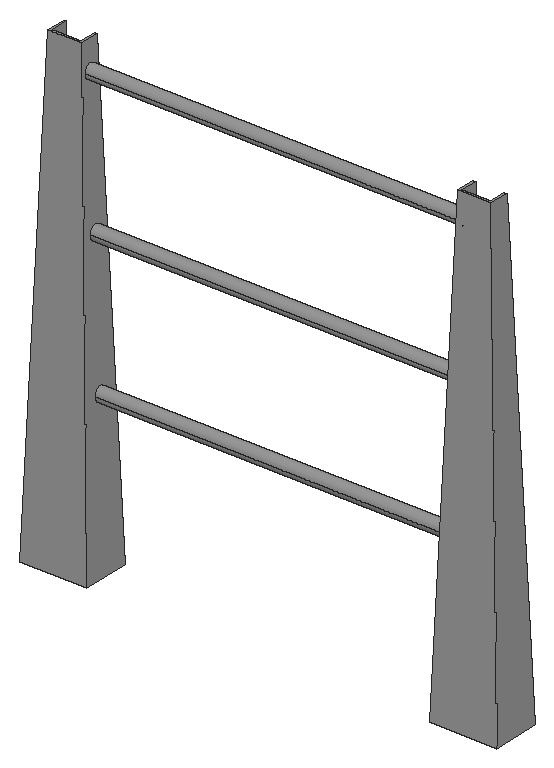
Revit family "15452 Ограждение «Джайв» Хоббика", category Антураж, Revit 2018
Family settings
  На основе рабочей плоскости = Нет
  Всегда вертикально = Да
  При загрузке вырезать с полостями = Нет
  Источник визуального образа = Геометрия семейства
  Общий = Нет
  Точка расчета площади = Нет
Parameters (values of type "Ограждение «Джайв»")
  Ширина = 100 mm  # constant formula
  Цвет каркаса = Сталь
  Описание = "Ограждение «Джайв»"  # constant formula
  Материал изделия = "Сталь"  # constant formula
  Изображение типоразмера = Ограждение «Джайв» Арт 15452.jpg
  Изготовитель = "ООО «Хоббика»"  # constant formula
  Длина = 1000 mm  # constant formula
  Группа модели = "Тротуарные столбики и ограждения"  # constant formula
  Высота = 1000 mm  # constant formula
  Артикул товара = "Арт. 15452"  # constant formula
  URL = "https://hobbyka.ru/product/ograzhdenie_dzhayv/"
Reference planes
  plane 1 "По центру (Вперед/Назад)": y = 0
  plane 2: z = 0
  plane 3 "По центру (Влево/Вправо)": x = 0
  plane 4: x = 1000
  plane 5: y = 100
  plane 6: z = 1000
  plane 7: x = 930
Forms (mm)
  Blend 1, solid, material "Сталь" <- "Цвет каркаса"
    base sketch origin (0, 0, 0) x (1, 0, 0) y (0, 1, 0)
      loop
        line (5, 100) -> (0, 100) -> (0, 0) -> (140, 0) -> (140, 100) -> (135, 100) -> (135, 5) -> (5, 5) -> (5, 100)
    top sketch origin (0, 0, 0) x (1, 0, 0) y (0, 1, 0)
      loop
        line (35, 30) -> (105, 30) -> (105, 70) -> (100, 70) -> (100, 35) -> (40, 35) -> (40, 70) -> (35, 70) -> (35, 30)
    from 0 to 1000
  Blend 2, solid, material "Сталь" <- "Цвет каркаса"
    base sketch origin (860, 0, 0) x (1, 0, 0) y (0, 1, 0)
      loop
        line (5, 100) -> (0, 100) -> (0, 0) -> (140, 0) -> (140, 100) -> (135, 100) -> (135, 5) -> (5, 5) -> (5, 100)
    top sketch origin (860, 0, 0) x (1, 0, 0) y (0, 1, 0)
      loop
        line (35, 30) -> (105, 30) -> (105, 70) -> (100, 70) -> (100, 35) -> (40, 35) -> (40, 70) -> (35, 70) -> (35, 30)
    from 0 to 1000
  Extrusion 3, solid, material "Сталь" <- "Цвет каркаса"
    sketch origin (0, 0, 797.148) x (0, 1, 0) y (0, 0, 1)
      loop
        circle (50, 142.852) r 15
    from 70 to 930
  Extrusion 4, solid, material "Сталь" <- "Цвет каркаса"
    sketch origin (0, 0, 497.148) x (0, 1, 0) y (0, 0, 1)
      loop
        circle (50, 142.852) r 15
    from 70 to 930
  Extrusion 5, solid, material "Сталь" <- "Цвет каркаса"
    sketch origin (0, 0, 197.148) x (0, 1, 0) y (0, 0, 1)
      loop
        circle (50, 142.852) r 15
    from 70 to 930
Cuts and joins
  joined: Blend 1, Blend 2, Extrusion 3, Extrusion 4, Extrusion 5
Dimensions and locks
  "Длина": plane 4 to plane 3 "По центру (Влево/Вправо)"
  "Ширина": plane 5 to plane 1 "По центру (Вперед/Назад)"
  "Высота": plane 6 to plane 2
  locked: plane 7 to plane 4 at 70
  aligned and locked: level to plane 2
  aligned and locked: cut or joined group of Blend 1, Blend 2, Extrusion 3, Extrusion 4, Extrusion 5 to plane 7  (x3)
Automatic sketch dimensions
  Blend 1 sketch curve to plane 3 "По центру (Влево/Вправо)" = 0 mm
  Blend 1 sketch curve to plane 5 = 0 mm  (x2)
  plane 1 "По центру (Вперед/Назад)" to Blend 1 sketch curve = 0 mm
  plane 3 "По центру (Влево/Вправо)" to Blend 1 sketch curve = 5 mm
  Blend 1 sketch curve to plane 1 "По центру (Вперед/Назад)" = 5 mm
  Blend 1 sketch curve to Blend 1 sketch curve = 130 mm
  Blend 1 sketch curve to Blend 1 sketch curve = 5 mm  (x4)
  plane 3 "По центру (Влево/Вправо)" to Blend 1 sketch curve = 35 mm
  Blend 1 sketch curve to plane 5 = 30 mm  (x2)
  Blend 1 sketch curve to Blend 1 sketch curve = 60 mm
  Blend 1 sketch curve to Blend 1 sketch curve = 35 mm
  Blend 2 sketch curve to plane 5 = 0 mm  (x2)
  plane 1 "По центру (Вперед/Назад)" to Blend 2 sketch curve = 0 mm
  Blend 2 sketch curve to plane 4 = 0 mm
  Blend 2 sketch curve to plane 4 = 5 mm
  Blend 2 sketch curve to Blend 2 sketch curve = 130 mm
  Blend 2 sketch curve to Blend 2 sketch curve = 5 mm  (x4)
  Blend 2 sketch curve to plane 1 "По центру (Вперед/Назад)" = 5 mm
  Blend 2 sketch curve to plane 1 "По центру (Вперед/Назад)" = 30 mm
  Blend 2 sketch curve to plane 4 = 105 mm
  Blend 2 sketch curve to plane 4 = 40 mm
  Blend 2 sketch curve to plane 5 = 30 mm  (x2)
  Extrusion 3 sketch curve to plane 1 "По центру (Вперед/Назад)" = 50 mm
  Extrusion 3 sketch curve to plane 6 = 60 mm
  Extrusion 4 sketch curve to plane 1 "По центру (Вперед/Назад)" = 50 mm
  Extrusion 4 sketch curve to plane 6 = 360 mm
  Extrusion 5 sketch curve to plane 1 "По центру (Вперед/Назад)" = 50 mm
  level to Extrusion 5 sketch curve = 340 mm
  radius of Extrusion 3 sketch curve = 15 mm
  radius of Extrusion 4 sketch curve = 15 mm
  radius of Extrusion 5 sketch curve = 15 mm
